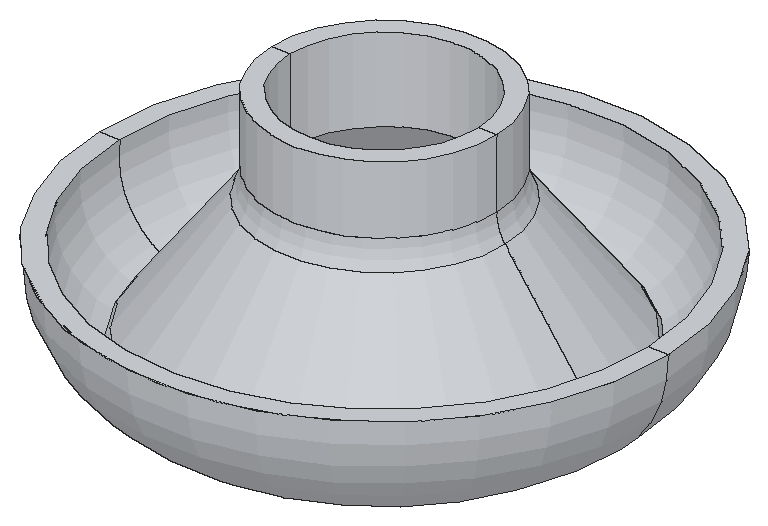
Revit family "VJS", category Air Terminals, Revit 2012
Parameters (values of type "VJS-6-12")
  URL = "http://www.innes.com.mx"
  Separacion = 1/2"
  Radio = A Cuello / 2  # 3"
  Mínima velocidad de cuello = 380 FPM
  Mínima presión estática = 0.01 in-wg
  Min Flow = 75 CFM
  Máxima velocidad de cuello = 1785 FPM
  Máxima presión estática = 0.15 in-wg
  Máximo nivel de ruido (NC) = ""
  Max Flow = 350 CFM
  Material = "Aluminio"
  Manufacturer = "INNES"
  Cuello = "Redondo"
  C1 = C / 2  # 5 13/16"
  C = 11 5/8"
  B1 = B Plato / 2  # 7 9/16"
  B Plato = 15 1/8"
  Altura plato = 6 5/8"
  A1 = 3"
  A Cuello = 6"
Types (3): name | URL | Radio | Mínima velocidad de cuello | Mínima presión estática | Min Flow | Máxima velocidad de cuello | Máxima presión estática | Max Flow | Material | Manufacturer | Cuello | C1 | C | B1 | B Plato | Altura plato | A Cuello
  (no name) | "http://www.innes.com.mx" | 3" | 380 FPM | 0.01 in-wg | 75 CFM | 1785 FPM | 0.15 in-wg | 350 CFM | "Aluminio" | "INNES" | "Redondo" | 5 13/16" | 11 5/8" | 7 9/16" | 15 1/8" | 6 5/8" | 6"
  VJS-6-12 | "http://www.innes.com.mx" | 3" | 380 FPM | 0.01 in-wg | 75 CFM | 1785 FPM | 0.15 in-wg | 350 CFM | "Aluminio" | "INNES" | "Redondo" | 5 13/16" | 11 5/8" | 7 9/16" | 15 1/8" | 6 5/8" | 6"
  VJS-8-16 | 0" | 4" | 0 FPM | 0.00 in-wg | 0 CFM | 0 FPM | 0.00 in-wg | 0 CFM | "" | 0" | "" | 7 13/16" | 15 5/8" | 9 9/16" | 19 1/8" | 5 3/8" | 8"
Reference planes (in)
  plane 1 "Center (Front/Back)": y = 0
  plane 2: z = 0
  plane 3 "Center (Left/Right)": x = 0
  plane 4: z = 6.625
  plane 5: x = -3
  plane 6: x = 3
  plane 7: z = 4.375
  plane 8: z = 0.75
  plane 9: x = -5.8125
  plane 10: x = 5.8125
  plane 11: z = 3
  plane 12: x = -7.5625
  plane 13: x = 7.5625
  plane 14: x = -2.5
  plane 15: x = -5.3125
  plane 16: x = -1.5
  plane 17: x = 1.5
  plane 18: z = 2.9762
  plane 19: x = -2.90625
  plane 20: x = 2.90625
  plane 21: x = -3.78125
  plane 22: x = 3.78125
  plane 23: x = -7.0625
Forms (in)
  Revolve 1, solid
    sketch origin (0, 0, 0) x (1, 0, 0) y (0, 0, 1)
      loop
        line (-3, 6.625) -> (-3, 4.80718)
        arc (-3, 4.80718) -> (-3.0536, 4.44047) -> (-3.20991, 4.10444) r 1.28125
        line (-3.20991, 4.10444) -> (-5.70754, 0.83705)
        arc (-5.70754, 0.83705) -> (-5.78526, 0.71817) -> (-5.8125, 0.57878) r 0.37025
        arc (-5.8125, 0.57878) -> (-6.82633, 1.5858) -> (-7.03126, 3) r 2.25477
        line (-7.03126, 3) -> (-7.5625, 3)
        arc (-7.5625, 3) -> (-7.10651, 1.25557) -> (-5.8125, 0) r 3.35083
        line (-5.8125, 0) -> (-5.3125, 0) -> (-5.3125, 0.75) -> (-2.5, 4.375) -> (-2.5, 6.625) -> (-3, 6.625)
      loop
        line (-1.5, 4.375) -> (-1.5, 2.9762) -> (-2.90625, 0.75) -> (-3.78125, 0) -> (0, 0) -> (0, 4.375) -> (-1.5, 4.375)
      axis (0, 6.625) -> (0, 0)
    angle from 0 to 360
Dimensions and locks (in)
  "Altura plato": plane 4 to level
  equal spacing: plane 6, plane 3 "Center (Left/Right)", plane 5
  "A Cuello": plane 6 to plane 5
  equal spacing: plane 10, plane 3 "Center (Left/Right)", plane 9
  "C": plane 10 to plane 9
  equal spacing: plane 13, plane 3 "Center (Left/Right)", plane 12
  "B Plato": plane 13 to plane 12
  "Separacion": plane 14 to plane 5
  "Separacion": plane 15 to plane 9
  equal spacing: plane 17, plane 3 "Center (Left/Right)", plane 16
  "A1": plane 17 to plane 16
  plane 8 to plane 18 = 2.2262"
  equal spacing: plane 20, plane 3 "Center (Left/Right)", plane 19
  "C1": plane 20 to plane 19
  equal spacing: plane 22, plane 3 "Center (Left/Right)", plane 21
  "B1": plane 22 to plane 21
  "Separacion": plane 23 to plane 12
  aligned and locked: plane 2 to level
Automatic sketch dimensions
  Revolve 1 sketch curve to plane 11 = 0"
  Revolve 1 sketch curve to plane 12 = 0"
  Revolve 1 sketch curve to level = 0"  (x2)
  Revolve 1 sketch curve to plane 9 = 0"  (x2)
  Revolve 1 sketch curve to plane 8 = 0"  (x2)
  Revolve 1 sketch curve to plane 15 = 0"
  Revolve 1 sketch curve to plane 21 = 0"
  Revolve 1 sketch curve to plane 4 = 0"
  Revolve 1 sketch curve to plane 5 = 0"
  Revolve 1 sketch curve to plane 19 = 0"
  Revolve 1 sketch curve to plane 7 = 0"  (x2)
  Revolve 1 sketch curve to plane 14 = 0"
  Revolve 1 sketch curve to plane 16 = 0"
  Revolve 1 sketch curve to plane 3 "Center (Left/Right)" = 0"  (x2)
  Revolve 1 sketch curve to plane 18 = 0"
  plane 23 to Revolve 1 sketch curve = 1/32"
  plane 8 to Revolve 1 sketch curve = 0.08705"
  plane 9 to Revolve 1 sketch curve = 0.10496"
  Revolve 1 sketch curve to plane 15 = 0.12975"
  Revolve 1 sketch curve to plane 18 = 0.37662"
  Revolve 1 sketch curve to plane 18 = 0.03224"
  Revolve 1 sketch curve to plane 21 = 1/2"
  Revolve 1 sketch curve to plane 5 = 0.20991"
  Revolve 1 sketch curve to Revolve 1 sketch curve = 1.89918"
  Revolve 1 sketch curve to plane 7 = 0.27056"
  Revolve 1 sketch curve to plane 4 = 0.02418"
Connectors (in)
  hvac at (0, 0, 6.625), driven by "Radio"
    settings: on Revolve 1, index 1, duct flow 0 CFM, flow factor 0, pres drop 0.00 in-wg, loss coef 0, conn angle 0.00°, conn width 12", conn height 12", conn radius 3", duct sys type 3, conn prof type 0, flow config 0, flow direction 0, loss method 0, conn ref index -1, conn util no, is conn primary yes, conn desc ""
